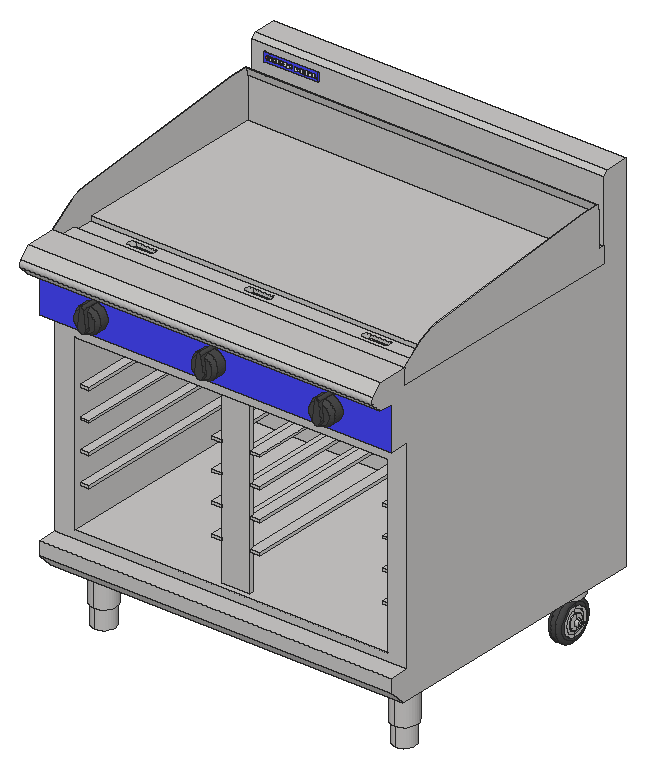
Revit family "QF_MOFFAT_BLUESEAL_CE_E516A-CB", category Specialty Equipment, Revit 2012
Parameters
  Width = 900 mm
  Weight in Pounds = 286  # constant formula
  Watts = 10200 W
  Volts = 400 V
  URL Cutsheet = "www.moffat.com"
  URL = "www.moffat.com"
  Type Mark [instance] = ""
  Status [instance] = ""
  Specification by User [instance] = ""
  Specification by Manufacturer = ""
  Show Logo [instance] = yes
  Show Casters [instance] = yes
  Serial Number = ""
  Seismic Rating = ""
  SMACNA No = ""
  Revision Code [instance] = ""
  Phase = 3
  Omniclass Number and Title = ""
  Number of Poles = 1
  NAFEM Spec ID Number = ""
  Model = "E516A-CB"
  Min Ckt Ampacity = 0 A
  Max Overcurrent Protection = 0 A
  Masterspec = ""
  Manufacturer = "MOFFAT BLUESEAL"
  Legs [instance] = not(Show Casters)  # no
  Item Number [instance] = ""
  Installed By [instance] = ""
  Identify Quantity as Lot [instance] = yes
  HP = ""
  Furnished By [instance] = ""
  Foodservice Equipment Identifier [instance] = yes
  FL Amps = 15 A
  Electrical Remarks = "15A PER PHASE"
  Elec Conn RI Height = 0 mm
  Elec Conn Connection Height = 0 mm
  Description = "900MM ELECTRIC GRIDDLE PLATE ON CABINET BASE"
  Depth = 812 mm
  Cycle = 50 Hz
  Conn Plug = ""
  Conn Conduit = yes
  CSI MasterFormat = ""
  CSI Master Format = ""
  Base Height [instance] = 150 mm
  Apparent Power = if(Phase = 3, Volts * FL Amps * 1.73, Volts * FL Amps)  # 10380 VA
Reference planes
  plane 1 "BACK": y = 0
  plane 2: z = 0
  plane 3 "LEFT": x = 0
  plane 4 "RIGHT": x = 900
  plane 5 "FRONT": y = -812
  plane 6 "TOP": z = 970
  plane 7 "Center Y": x = 450
  plane 8 "Center X": y = -406
  plane 9 "Base Height": z = 150
  plane 10: z = 915
  plane 11: z = 1085
  plane 12: z = 740
  plane 13: x = 834
  plane 14: x = 65
  plane 15: y = -625
  plane 16: y = -100
Forms (mm)
  Extrusion 1, solid, material "QF_Finishes_Stainless Steel"
    sketch origin (0, 0, 0) x (0, 1, 0) y (0, 0, 1)
      loop
        line (0, 150) -> (0, 1085) -> (-57.5, 1085) -> (-70, 1072.5) -> (-70, 875) -> (-705.25, 875) -> (-705.25, 915) -> (-783.97, 915) -> (-808.485, 890.485)
        arc (-808.485, 890.485) -> (-811.999, 882) -> (-808.485, 873.515) r 12
        line (-808.485, 873.515) -> (-784.97, 850) -> (-749, 850) -> (-749, 740) -> (-130.5, 740) -> (-130.5, 222.5) -> (-749, 222.5) -> (-749, 186) -> (-713, 150) -> (0, 150)
    from 0 to 900
  Extrusion 2, void
    sketch origin (705, 3, 100) x (1, 0, 0) y (0, 1, 0)
      loop
        circle (65, -35) r 13.5
    from 640 to 570
  Revolve 3, solid, material "QF_Finishes_Black"
    sketch origin (150, 7, 757.8) x (0, 1, 0) y (0, 0, -1)
      loop
        line (-789, -69.5) -> (-766, -69.5) -> (-766, -42) -> (-756, -42) -> (-756, -37) -> (-800, -37) -> (-800, -63.651) -> (-789, -69.5)
      axis (-800, -37) -> (-756, -37)
    angle from 0 to 360
  Extrusion 4, solid, material "QF_Finishes_Black"
    sketch origin (288.27, 7, 757.958) x (-1, 0, 0) y (0, 0, -1)
      loop
        line (127.85, -26.037) -> (133.271, -68.955)
        arc (133.271, -68.955) -> (138.27, -73.842) -> (143.268, -68.955) r 5
        line (143.268, -68.955) -> (148.757, -24.87)
        arc (148.757, -24.87) -> (137.685, -14.371) -> (127.85, -26.037) r 10.487
    from 759 to 808
  Revolve 5, solid, material "QF_Finishes_Stainless Steel", visible <- "Legs"
    sketch origin (834, -165, 0) x (0, 1, 0) y (0, 0, -1)
      loop
        line (33.25, -150) -> (65, -150) -> (65, 0) -> (37.5, 0) -> (37.5, -50) -> (33.25, -50) -> (33.25, -150)
      axis (65, -150) -> (65, 0)
    angle from 0 to 360
  Revolve 6, solid, material "QF_Finishes_Stainless Steel"
    sketch origin (834, -728, 0) x (0, 1, 0) y (0, 0, -1)
      loop
        line (71.25, -150) -> (103, -150) -> (103, 0) -> (75.5, 0) -> (75.5, -50) -> (71.25, -50) -> (71.25, -150)
      axis (103, -150) -> (103, 0)
    angle from 0 to 360
  Extrusion 7, solid, material "QF_Finishes_Stainless Steel"
    sketch origin (0, -130.5, 735) x (0, 0, 1) y (-1, 0, 0)
      loop
        line (5, -900) -> (5, 0) -> (-512.5, 0) -> (-512.5, -900) -> (5, -900)
      loop
        line (-50, -850) -> (-50, -50) -> (-492.5, -50) -> (-492.5, -850) -> (-50, -850)
    from 0 to 568.5
  Extrusion 8, void
    sketch origin (0, 0, 150) x (-1, 0, 0) y (0, -1, 0)
      loop
        line (-824.497, 87.26) -> (-824.497, -30.24) -> (-694.997, -30.24) -> (-694.997, 38.76) -> (-743.497, 87.26) -> (-824.497, 87.26)
    from 72.5 to 590
  Extrusion 9, solid, material "QF_Finishes_Stainless Steel"
    sketch origin (0, -130.5, 735) x (0, 0, 1) y (-1, 0, 0)
      loop
        line (-50, -485.5) -> (-50, -414.5) -> (-492.5, -414.5) -> (-492.5, -485.5) -> (-50, -485.5)
    from 543.302 to 553.302
  Extrusion 10, solid, material "QF_Finishes_Stainless Steel"
    sketch origin (0, -130.5, 735) x (0, 0, 1) y (-1, 0, 0)
      loop
        line (-246.25, -414.5) -> (-239.9, -414.5) -> (-239.9, -389.5) -> (-246.25, -389.5) -> (-246.25, -414.5)
      loop
        line (-321.25, -414.5) -> (-314.9, -414.5) -> (-314.9, -389.5) -> (-321.25, -389.5) -> (-321.25, -414.5)
      loop
        line (-321.25, -50) -> (-321.25, -75) -> (-314.9, -75) -> (-314.9, -50) -> (-321.25, -50)
      loop
        line (-239.9, -75) -> (-239.9, -50) -> (-246.25, -50) -> (-246.25, -75) -> (-239.9, -75)
      loop
        line (-396.25, -414.5) -> (-389.9, -414.5) -> (-389.9, -389.5) -> (-396.25, -389.5) -> (-396.25, -414.5)
      loop
        line (-396.25, -50) -> (-396.25, -75) -> (-389.9, -75) -> (-389.9, -50) -> (-396.25, -50)
      loop
        line (-171.25, -414.5) -> (-164.9, -414.5) -> (-164.9, -389.5) -> (-171.25, -389.5) -> (-171.25, -414.5)
      loop
        line (-164.9, -75) -> (-164.9, -50) -> (-171.25, -50) -> (-171.25, -75) -> (-164.9, -75)
      loop
        line (-246.25, -485.5) -> (-246.25, -510.5) -> (-239.9, -510.5) -> (-239.9, -485.5) -> (-246.25, -485.5)
      loop
        line (-321.25, -485.5) -> (-321.25, -510.5) -> (-314.9, -510.5) -> (-314.9, -485.5) -> (-321.25, -485.5)
      loop
        line (-321.25, -850) -> (-314.9, -850) -> (-314.9, -825) -> (-321.25, -825) -> (-321.25, -850)
      loop
        line (-239.9, -825) -> (-246.25, -825) -> (-246.25, -850) -> (-239.9, -850) -> (-239.9, -825)
      loop
        line (-396.25, -485.5) -> (-396.25, -510.5) -> (-389.9, -510.5) -> (-389.9, -485.5) -> (-396.25, -485.5)
      loop
        line (-396.25, -850) -> (-389.9, -850) -> (-389.9, -825) -> (-396.25, -825) -> (-396.25, -850)
      loop
        line (-171.25, -485.5) -> (-171.25, -510.5) -> (-164.9, -510.5) -> (-164.9, -485.5) -> (-171.25, -485.5)
      loop
        line (-164.9, -825) -> (-171.25, -825) -> (-171.25, -850) -> (-164.9, -850) -> (-164.9, -825)
    from 0 to 553.302
  Extrusion 11, solid, material "QF_Finishes_Stainless Steel"
    sketch origin (705, -4.5, 740) x (0, 1, 0) y (1, 0, 0)
      loop
        circle (-34.187, 65) r 6.35
    from 0 to 1.6
  Revolve 12, solid, material "QF_Finishes_Black"
    sketch origin (450, 7, 757.8) x (0, 1, 0) y (0, 0, -1)
      loop
        line (-789, -69.5) -> (-766, -69.5) -> (-766, -42) -> (-756, -42) -> (-756, -37) -> (-800, -37) -> (-800, -63.651) -> (-789, -69.5)
      axis (-800, -37) -> (-756, -37)
    angle from 0 to 360
  Extrusion 13, solid, material "QF_Finishes_Black"
    sketch origin (588.27, 7, 757.958) x (-1, 0, 0) y (0, 0, -1)
      loop
        line (127.85, -26.037) -> (133.271, -68.955)
        arc (133.271, -68.955) -> (138.27, -73.842) -> (143.268, -68.955) r 5
        line (143.268, -68.955) -> (148.757, -24.87)
        arc (148.757, -24.87) -> (137.685, -14.371) -> (127.85, -26.037) r 10.487
    from 759 to 808
  Revolve 14, solid, material "QF_Finishes_Black"
    sketch origin (750, 7, 757.8) x (0, 1, 0) y (0, 0, -1)
      loop
        line (-789, -69.5) -> (-766, -69.5) -> (-766, -42) -> (-756, -42) -> (-756, -37) -> (-800, -37) -> (-800, -63.651) -> (-789, -69.5)
      axis (-800, -37) -> (-756, -37)
    angle from 0 to 360
  Extrusion 15, solid, material "QF_Finishes_Black"
    sketch origin (888.27, 7, 757.958) x (-1, 0, 0) y (0, 0, -1)
      loop
        line (127.85, -26.037) -> (133.271, -68.955)
        arc (133.271, -68.955) -> (138.27, -73.842) -> (143.268, -68.955) r 5
        line (143.268, -68.955) -> (148.757, -24.87)
        arc (148.757, -24.87) -> (137.685, -14.371) -> (127.85, -26.037) r 10.487
    from 759 to 808
  Revolve 16, solid, material "QF_Finishes_Stainless Steel", visible <- "Show Casters"
    sketch origin (784.648, -99.755, -13.653) x (1, 0, 0) y (0, 0, 1)
      loop
        line (14.841, 63.604) -> (83.584, 63.604) -> (83.584, 67.109) -> (82.314, 68.379) -> (80.79, 68.379) -> (80.79, 71.826) -> (68.644, 71.826) -> (68.644, 81.79) -> (65.088, 83.843) -> (63.738, 92.179) -> (65.881, 92.179) -> (65.881, 98.529) -> (65.088, 98.529) -> (65.088, 104.879)
        arc (65.088, 104.879) -> (62.298, 111.614) -> (55.563, 114.404) r 9.525
        line (55.563, 114.404) -> (42.863, 114.404)
        arc (42.863, 114.404) -> (36.127, 111.614) -> (33.338, 104.879) r 9.525
        line (33.338, 104.879) -> (33.338, 98.529) -> (32.544, 98.529) -> (32.544, 92.179) -> (34.687, 92.179) -> (33.352, 83.932) -> (29.782, 81.871) -> (29.782, 71.826) -> (17.635, 71.826) -> (17.635, 68.379) -> (16.111, 68.379) -> (14.841, 67.109) -> (14.841, 63.604)
      axis (14.841, 63.604) -> (83.584, 63.604)
    angle from 0 to 360
  Revolve 17, solid, material "QF_Finishes_Stainless Steel", visible <- "Show Casters"
    sketch origin (833.871, -203, 0) x (0, 1, 0) y (0, 0, 1)
      loop
        line (68.25, 150) -> (68.25, 110) -> (104, 110) -> (104, 150) -> (68.25, 150)
      axis (104, 150) -> (104, 110)
    angle from 0 to 360
  Revolve 18, solid, material "QF_Finishes_Stainless Steel", visible <- "Legs"
    sketch origin (65, -165, 0) x (0, 1, 0) y (0, 0, -1)
      loop
        line (33.25, -150) -> (65, -150) -> (65, 0) -> (37.5, 0) -> (37.5, -50) -> (33.25, -50) -> (33.25, -150)
      axis (65, -150) -> (65, 0)
    angle from 0 to 360
  Revolve 19, solid, material "QF_Finishes_Stainless Steel"
    sketch origin (65, -728, 0) x (0, 1, 0) y (0, 0, -1)
      loop
        line (71.25, -150) -> (103, -150) -> (103, 0) -> (75.5, 0) -> (75.5, -50) -> (71.25, -50) -> (71.25, -150)
      axis (103, -150) -> (103, 0)
    angle from 0 to 360
  Revolve 20, solid, material "QF_Finishes_Stainless Steel", visible <- "Show Casters"
    sketch origin (15.648, -99.755, -13.653) x (1, 0, 0) y (0, 0, 1)
      loop
        line (14.841, 63.604) -> (83.584, 63.604) -> (83.584, 67.109) -> (82.314, 68.379) -> (80.79, 68.379) -> (80.79, 71.826) -> (68.644, 71.826) -> (68.644, 81.79) -> (65.088, 83.843) -> (63.738, 92.179) -> (65.881, 92.179) -> (65.881, 98.529) -> (65.088, 98.529) -> (65.088, 104.879)
        arc (65.088, 104.879) -> (62.298, 111.614) -> (55.563, 114.404) r 9.525
        line (55.563, 114.404) -> (42.863, 114.404)
        arc (42.863, 114.404) -> (36.127, 111.614) -> (33.338, 104.879) r 9.525
        line (33.338, 104.879) -> (33.338, 98.529) -> (32.544, 98.529) -> (32.544, 92.179) -> (34.687, 92.179) -> (33.352, 83.932) -> (29.782, 81.871) -> (29.782, 71.826) -> (17.635, 71.826) -> (17.635, 68.379) -> (16.111, 68.379) -> (14.841, 67.109) -> (14.841, 63.604)
      axis (14.841, 63.604) -> (83.584, 63.604)
    angle from 0 to 360
  Revolve 21, solid, material "QF_Finishes_Stainless Steel", visible <- "Show Casters"
    sketch origin (64.871, -203, 0) x (0, 1, 0) y (0, 0, 1)
      loop
        line (68.25, 150) -> (68.25, 110) -> (104, 110) -> (104, 150) -> (68.25, 150)
      axis (104, 150) -> (104, 110)
    angle from 0 to 360
Cuts and joins
  Extrusion 2, Extrusion 8 cuts Extrusion 1
  joined: Extrusion 1, Extrusion 7
Lines and regions (mm)
  Split face 1
    outline origin (900, 0, 1085) x (-1, 0, 0) y (0, -1, 0)
      loop
        arc (856, 18.385) -> (864.66, 23.385) -> (864.66, 33.385) r 10
        line (864.66, 33.385) -> (860.619, 40.385)
        arc (860.619, 40.385) -> (856.959, 44.045) -> (851.959, 45.385) r 10
        line (851.959, 45.385) -> (624, 45.385)
        arc (624, 45.385) -> (615.34, 40.385) -> (615.34, 30.385) r 10
        line (615.34, 30.385) -> (619.381, 23.385)
        arc (619.381, 23.385) -> (623.041, 19.725) -> (628.041, 18.385) r 10
        line (628.041, 18.385) -> (856, 18.385)
  Split face 2
    outline origin (900, 0, 1085) x (-1, 0, 0) y (0, -1, 0)
      loop
        arc (44, 45.385) -> (35.34, 40.385) -> (35.34, 30.385) r 10
        line (35.34, 30.385) -> (39.381, 23.385)
        arc (39.381, 23.385) -> (43.041, 19.725) -> (48.041, 18.385) r 10
        line (48.041, 18.385) -> (276, 18.385)
        arc (276, 18.385) -> (284.66, 23.385) -> (284.66, 33.385) r 10
        line (284.66, 33.385) -> (280.619, 40.385)
        arc (280.619, 40.385) -> (276.959, 44.045) -> (271.959, 45.385) r 10
        line (271.959, 45.385) -> (44, 45.385)
  Split face 3
    outline origin (900, 0, 1085) x (-1, 0, 0) y (0, -1, 0)
      loop
        arc (566, 18.385) -> (574.66, 23.385) -> (574.66, 33.385) r 10
        line (574.66, 33.385) -> (570.619, 40.385)
        arc (570.619, 40.385) -> (566.959, 44.045) -> (561.959, 45.385) r 10
        line (561.959, 45.385) -> (334, 45.385)
        arc (334, 45.385) -> (325.34, 40.385) -> (325.34, 30.385) r 10
        line (325.34, 30.385) -> (329.381, 23.385)
        arc (329.381, 23.385) -> (333.041, 19.725) -> (338.041, 18.385) r 10
        line (338.041, 18.385) -> (566, 18.385)
  symbolic lines, style "SpecialityEquipmentHiddenLines", visible <- "Show Casters"
    curve 1: line (78.456, -46.735, 0) -> (105.952, -62.61, 0)
    curve 2: line (27.656, -134.723, 0) -> (78.456, -46.735, 0)
    curve 3: line (55.152, -150.598, 0) -> (27.656, -134.723, 0)
    curve 4: line (105.952, -62.61, 0) -> (55.152, -150.598, 0)
    curve 5: line (847.456, -46.735, 0) -> (874.952, -62.61, 0)
    curve 6: line (796.656, -134.723, 0) -> (847.456, -46.735, 0)
    curve 7: line (824.152, -150.598, 0) -> (796.656, -134.723, 0)
    curve 8: line (874.952, -62.61, 0) -> (824.152, -150.598, 0)
  symbolic lines
    curve 9: line (0, -783.97, 0) -> (900, -783.97, 0)
    curve 10: line (0, -811.999, 0) -> (900, -811.999, 0)
    curve 11: line (0, 0, 0) -> (0, -811.999, 0)
    curve 12: line (900, 0, 0) -> (0, 0, 0)
    curve 13: line (900, -811.999, 0) -> (900, 0, 0)
    curve 14: line (624, -18.385, 0) -> (851.959, -18.385, 0)
    curve 15: arc (851.959, -18.385, 0) -> (856.959, -19.725, 0) -> (860.619, -23.385, 0) r 10
    curve 16: line (860.619, -23.385, 0) -> (864.66, -30.385, 0)
    curve 17: arc (864.66, -30.385, 0) -> (864.66, -40.385, 0) -> (856, -45.385, 0) r 10
    curve 18: line (856, -45.385, 0) -> (628.041, -45.385, 0)
    curve 19: arc (628.041, -45.385, 0) -> (623.041, -44.045, 0) -> (619.381, -40.385, 0) r 10
    curve 20: line (619.381, -40.385, 0) -> (615.34, -33.385, 0)
    curve 21: arc (615.34, -33.385, 0) -> (615.34, -23.385, 0) -> (624, -18.385, 0) r 10
    curve 22: line (561.959, -18.385, 0) -> (334, -18.385, 0)
    curve 23: arc (334, -18.385, 0) -> (325.34, -23.385, 0) -> (325.34, -33.385, 0) r 10
    curve 24: line (325.34, -33.385, 0) -> (329.381, -40.385, 0)
    curve 25: arc (329.381, -40.385, 0) -> (333.041, -44.045, 0) -> (338.041, -45.385, 0) r 10
    curve 26: line (338.041, -45.385, 0) -> (566, -45.385, 0)
    curve 27: arc (566, -45.385, 0) -> (574.66, -40.385, 0) -> (574.66, -30.385, 0) r 10
    curve 28: line (574.66, -30.385, 0) -> (570.619, -23.385, 0)
    curve 29: arc (570.619, -23.385, 0) -> (566.959, -19.725, 0) -> (561.959, -18.385, 0) r 10
    curve 30: line (44, -18.385, 0) -> (271.959, -18.385, 0)
    curve 31: arc (271.959, -18.385, 0) -> (276.959, -19.725, 0) -> (280.619, -23.385, 0) r 10
    curve 32: line (280.619, -23.385, 0) -> (284.66, -30.385, 0)
    curve 33: arc (284.66, -30.385, 0) -> (284.66, -40.385, 0) -> (276, -45.385, 0) r 10
    curve 34: line (276, -45.385, 0) -> (48.041, -45.385, 0)
    curve 35: arc (48.041, -45.385, 0) -> (43.041, -44.045, 0) -> (39.381, -40.385, 0) r 10
    curve 36: line (39.381, -40.385, 0) -> (35.34, -33.385, 0)
    curve 37: arc (35.34, -33.385, 0) -> (35.34, -23.385, 0) -> (44, -18.385, 0) r 10
    curve 38: line (0, -705.25, 0) -> (900, -705.25, 0)
    curve 39: line (0, -57.5, 0) -> (900, -57.5, 0)
    curve 40: line (0, -70, 0) -> (900, -70, 0)
Dimensions and locks
  equal spacing: plane 3 "LEFT", plane 7 "Center Y", plane 4 "RIGHT"
  "Width": plane 3 "LEFT" to plane 4 "RIGHT"
  equal spacing: plane 5 "FRONT", plane 8 "Center X", plane 1 "BACK"
  "Depth": plane 5 "FRONT" to plane 1 "BACK"
  "Base Height": plane 9 "Base Height" to level
  plane 10 to level = 915 mm
  cut or joined group of Extrusion 1, Extrusion 2, Extrusion 7, Extrusion 8 to level = 740 mm
  plane 11 to plane 2 = 1085 mm
  plane 2 to plane 12 = 740 mm
  plane 13 to plane 14 = 769 mm
  plane 16 to plane 15 = 525 mm
  plane 1 "BACK" to plane 16 = 100 mm
  Revolve 16 sketch curve to Revolve 16 sketch curve = 50.8 mm
  Extrusion 11 sketch curve to plane 4 "RIGHT" = 130 mm
  Revolve 20 sketch curve to Revolve 20 sketch curve = 50.8 mm
  aligned and locked: level to plane 2
Automatic sketch dimensions
  plane 1 "BACK" to curve 12 = 0 mm
  curve 12 to plane 3 "LEFT" = 0 mm
  curve 10 to plane 4 "RIGHT" = 0 mm
  plane 3 "LEFT" to curve 2 = 27.656 mm
  curve 36 to plane 14 = 29.66 mm
  curve 37 to curve 35 = 4.041 mm  (x2)
  curve 37 to curve 37 = 8.66 mm
  curve 4 to plane 14 = 9.848 mm
  plane 14 to curve 1 = 13.456 mm
  plane 1 "BACK" to curve 30 = 18.385 mm
  curve 1 to curve 30 = 166.007 mm
  curve 31 to curve 34 = 4.041 mm
  curve 30 to curve 31 = 8.66 mm
  plane 1 "BACK" to curve 32 = 30.385 mm
  curve 31 to curve 32 = 4.041 mm
  plane 1 "BACK" to curve 24 = 33.385 mm
  curve 32 to curve 24 = 40.679 mm
  curve 24 to curve 25 = 4.041 mm
  curve 23 to curve 22 = 8.66 mm
  curve 25 to curve 25 = 8.66 mm
  plane 1 "BACK" to curve 29 = 28.385 mm
  plane 7 "Center Y" to curve 29 = 111.959 mm
  curve 29 to curve 27 = 4.041 mm
  curve 22 to curve 29 = 8.66 mm
  plane 1 "BACK" to curve 28 = 30.385 mm
  curve 29 to curve 28 = 4.041 mm
  plane 1 "BACK" to curve 20 = 33.385 mm
  curve 28 to curve 20 = 40.679 mm
  plane 1 "BACK" to curve 20 = 40.385 mm
  curve 20 to curve 20 = 4.041 mm
  curve 20 to curve 21 = 8.66 mm
  curve 21 to curve 19 = 4.041 mm
  curve 6 to plane 13 = 37.344 mm
  curve 8 to plane 13 = 9.848 mm
  plane 13 to curve 6 = 13.456 mm
  plane 13 to curve 15 = 17.959 mm
  curve 15 to curve 17 = 4.041 mm
  curve 14 to curve 16 = 8.66 mm
  curve 15 to curve 16 = 4.041 mm
  curve 35 to curve 30 = 27 mm
  curve 19 to curve 19 = 5 mm
  curve 25 to curve 23 = 12 mm
  curve 1 to curve 35 = 1.35 mm
  curve 5 to curve 17 = 1.35 mm
  curve 39 to plane 16 = 42.5 mm
  curve 8 to curve 39 = 5.11 mm
  curve 1 to curve 1 = 15.875 mm
  curve 40 to curve 39 = 12.5 mm
  plane 15 to curve 38 = 80.25 mm
  curve 9 to plane 5 "FRONT" = 28.03 mm
  curve 10 to plane 5 "FRONT" = 0.001 mm
  curve 25 to curve 24 = 7 mm
  curve 34 to curve 35 = 5 mm
  curve 18 to curve 17 = 10 mm
  curve 35 to curve 37 = 7 mm
  curve 25 to curve 23 = 7 mm
  curve 19 to curve 21 = 7 mm
  curve 33 to curve 31 = 7 mm
  curve 17 to curve 15 = 7 mm
  Extrusion 1 sketch curve to plane 10 = 0 mm
  plane 12 to Extrusion 1 sketch curve = 0 mm
  Extrusion 1 sketch curve to plane 9 "Base Height" = 0 mm
  Extrusion 1 sketch curve to plane 11 = 0 mm
  Extrusion 1 sketch curve to plane 1 "BACK" = 0 mm
  Extrusion 1 sketch curve to plane 16 = 42.5 mm
  Extrusion 1 sketch curve to plane 16 = 30 mm
  plane 16 to Extrusion 1 sketch curve = 30.5 mm
  plane 15 to Extrusion 1 sketch curve = 80.25 mm
  plane 15 to Extrusion 1 sketch curve = 88 mm
  Extrusion 1 sketch curve to plane 5 "FRONT" = 63 mm  (x2)
  Extrusion 1 sketch curve to plane 5 "FRONT" = 28.03 mm
  Extrusion 1 sketch curve to plane 5 "FRONT" = 27.03 mm
  Extrusion 1 sketch curve to plane 5 "FRONT" = 12.001 mm
  Extrusion 1 sketch curve to plane 5 "FRONT" = 3.515 mm  (x2)
  plane 9 "Base Height" to Extrusion 1 sketch curve = 36 mm
  Extrusion 1 sketch curve to Extrusion 1 sketch curve = 36.5 mm
  Extrusion 1 sketch curve to plane 10 = 65 mm
  Extrusion 1 sketch curve to Extrusion 1 sketch curve = 23.515 mm
  Extrusion 1 sketch curve to plane 10 = 40 mm
  Extrusion 1 sketch curve to Extrusion 1 sketch curve = 8.485 mm
  Extrusion 1 sketch curve to plane 11 = 12.5 mm
  plane 1 "BACK" to Extrusion 2 sketch curve = 32 mm
  Extrusion 2 sketch curve to plane 13 = 64 mm
  Revolve 3 sketch curve to plane 5 "FRONT" = 19 mm
  Revolve 3 sketch curve to Revolve 3 sketch curve = 0 mm  (x2)
  Revolve 3 sketch curve to Revolve 3 sketch curve = 11 mm
  Revolve 3 sketch curve to Revolve 3 sketch curve = 12.7 mm
  Revolve 3 sketch curve to Revolve 3 sketch curve = 23 mm
  Revolve 3 sketch curve to Revolve 3 sketch curve = 10 mm
  Revolve 3 sketch curve to plane 12 = 87.3 mm
  Revolve 3 sketch curve to Revolve 3 sketch curve = 5.849 mm
  Revolve 3 sketch curve to Revolve 3 sketch curve = 27.5 mm
  Revolve 3 sketch curve to Revolve 3 sketch curve = 5 mm
  plane 14 to Extrusion 4 sketch curve = 95.419 mm
  plane 14 to Extrusion 4 sketch curve = 89.999 mm
  Extrusion 4 sketch curve to Extrusion 4 sketch curve = 10.419 mm
  Extrusion 4 sketch curve to Extrusion 4 sketch curve = 4.999 mm  (x2)
  Extrusion 4 sketch curve to Extrusion 4 sketch curve = 10.487 mm
  Extrusion 4 sketch curve to plane 12 = 86.913 mm
  Extrusion 4 sketch curve to Extrusion 4 sketch curve = 0.113 mm
  Extrusion 4 sketch curve to Extrusion 4 sketch curve = 42.919 mm
  Extrusion 4 sketch curve to Extrusion 4 sketch curve = 1.167 mm
  Revolve 5 sketch curve to plane 9 "Base Height" = 0 mm
  Revolve 5 sketch curve to level = 0 mm
  Revolve 5 sketch curve to plane 16 = 0 mm  (x2)
  plane 16 to Revolve 5 sketch curve = 27.5 mm
  plane 16 to Revolve 5 sketch curve = 31.75 mm
  level to Revolve 5 sketch curve = 50 mm
  Revolve 5 sketch curve to Revolve 5 sketch curve = 0 mm
  Revolve 5 sketch curve to Revolve 5 sketch curve = 55 mm
  Revolve 6 sketch curve to plane 9 "Base Height" = 0 mm
  Revolve 6 sketch curve to level = 0 mm
  Revolve 6 sketch curve to plane 15 = 0 mm  (x2)
  plane 15 to Revolve 6 sketch curve = 27.5 mm
  plane 15 to Revolve 6 sketch curve = 31.75 mm
  level to Revolve 6 sketch curve = 50 mm
  Revolve 6 sketch curve to Revolve 6 sketch curve = 0 mm
  Revolve 6 sketch curve to Revolve 6 sketch curve = 55 mm
  Extrusion 1 to Extrusion 7 sketch curve = 0 mm
  Extrusion 7 sketch curve to Extrusion 1 = 0 mm  (x3)
  Extrusion 1 to Extrusion 7 sketch curve = 20 mm
  Extrusion 7 sketch curve to Extrusion 1 = 55 mm
  Extrusion 1 to Extrusion 7 sketch curve = 50 mm  (x2)
  Extrusion 8 sketch curve to plane 13 = 9.503 mm
  Extrusion 8 sketch curve to plane 16 = 12.74 mm
  Extrusion 8 sketch curve to Extrusion 8 sketch curve = 81 mm
  Extrusion 8 sketch curve to Extrusion 8 sketch curve = 48.5 mm
  plane 1 "BACK" to Extrusion 8 sketch curve = 38.76 mm
  Extrusion 8 sketch curve to plane 1 "BACK" = 30.24 mm
  Extrusion 1 to Extrusion 9 sketch curve = 20 mm
  Extrusion 9 sketch curve to Extrusion 1 = 55 mm
  Extrusion 1 to Extrusion 9 sketch curve = 414.5 mm
  Extrusion 9 sketch curve to Extrusion 9 sketch curve = 71 mm
  Extrusion 1 to Extrusion 10 sketch curve = 116.25 mm  (x3)
  Extrusion 10 sketch curve to Extrusion 10 sketch curve = 0 mm  (x6)
  Extrusion 1 to Extrusion 10 sketch curve = 50 mm  (x4)
  Extrusion 10 sketch curve to Extrusion 10 sketch curve = 6.35 mm  (x16)
  Extrusion 10 sketch curve to Extrusion 10 sketch curve = 68.65 mm  (x12)
  Extrusion 10 sketch curve to Extrusion 10 sketch curve = 25 mm  (x16)
  Extrusion 10 sketch curve to Extrusion 10 sketch curve = 314.5 mm
  Extrusion 10 sketch curve to Extrusion 10 sketch curve = 71 mm  (x4)
  Extrusion 1 to Extrusion 10 sketch curve = 75 mm  (x2)
  Revolve 12 sketch curve to plane 5 "FRONT" = 19 mm
  Revolve 12 sketch curve to Revolve 12 sketch curve = 0 mm  (x2)
  Revolve 12 sketch curve to Revolve 12 sketch curve = 11 mm
  Revolve 12 sketch curve to Revolve 12 sketch curve = 12.7 mm
  Revolve 12 sketch curve to Revolve 12 sketch curve = 23 mm
  Revolve 12 sketch curve to Revolve 12 sketch curve = 10 mm
  Revolve 12 sketch curve to plane 12 = 87.3 mm
  Revolve 12 sketch curve to Revolve 12 sketch curve = 5.849 mm
  Revolve 12 sketch curve to Revolve 12 sketch curve = 27.5 mm
  Revolve 12 sketch curve to Revolve 12 sketch curve = 5 mm
  plane 7 "Center Y" to Extrusion 13 sketch curve = 10.419 mm
  Extrusion 13 sketch curve to Extrusion 13 sketch curve = 5.421 mm
  Extrusion 13 sketch curve to Extrusion 13 sketch curve = 10.419 mm
  Extrusion 13 sketch curve to Extrusion 13 sketch curve = 4.999 mm  (x2)
  Extrusion 13 sketch curve to Extrusion 13 sketch curve = 10.487 mm
  Extrusion 13 sketch curve to plane 12 = 86.913 mm
  Extrusion 13 sketch curve to Extrusion 13 sketch curve = 0.113 mm
  Extrusion 13 sketch curve to Extrusion 13 sketch curve = 42.919 mm
  Extrusion 13 sketch curve to Extrusion 13 sketch curve = 1.167 mm
  Revolve 14 sketch curve to plane 5 "FRONT" = 19 mm
  Revolve 14 sketch curve to Revolve 14 sketch curve = 0 mm  (x2)
  Revolve 14 sketch curve to Revolve 14 sketch curve = 11 mm
  Revolve 14 sketch curve to Revolve 14 sketch curve = 12.7 mm
  Revolve 14 sketch curve to Revolve 14 sketch curve = 23 mm
  Revolve 14 sketch curve to Revolve 14 sketch curve = 10 mm
  Revolve 14 sketch curve to plane 12 = 87.3 mm
  Revolve 14 sketch curve to Revolve 14 sketch curve = 5.849 mm
  Revolve 14 sketch curve to Revolve 14 sketch curve = 27.5 mm
  Revolve 14 sketch curve to Revolve 14 sketch curve = 5 mm
  Extrusion 15 sketch curve to plane 12 = 43.995 mm
  Extrusion 15 sketch curve to plane 13 = 73.581 mm
  Extrusion 15 sketch curve to Extrusion 15 sketch curve = 5.421 mm
  Extrusion 15 sketch curve to Extrusion 15 sketch curve = 10.419 mm
  Extrusion 15 sketch curve to Extrusion 15 sketch curve = 4.999 mm  (x2)
  Extrusion 15 sketch curve to plane 12 = 86.913 mm
  Extrusion 15 sketch curve to Extrusion 15 sketch curve = 10.487 mm
  Extrusion 15 sketch curve to Extrusion 15 sketch curve = 0.113 mm
  Extrusion 15 sketch curve to Extrusion 15 sketch curve = 1.167 mm
  Split face 1 sketch curve to cut or joined group of Extrusion 1, Extrusion 2, Extrusion 7, Extrusion 8 = 27.115 mm
  Split face 1 sketch curve to cut or joined group of Extrusion 1, Extrusion 2, Extrusion 7, Extrusion 8 = 284.66 mm
  Split face 1 sketch curve to Split face 1 sketch curve = 4.041 mm  (x4)
  Split face 1 sketch curve to Split face 1 sketch curve = 8.66 mm  (x2)
  Split face 1 sketch curve to cut or joined group of Extrusion 1, Extrusion 2, Extrusion 7, Extrusion 8 = 12.115 mm
  Split face 1 sketch curve to cut or joined group of Extrusion 1, Extrusion 2, Extrusion 7, Extrusion 8 = 48.041 mm
  Split face 1 sketch curve to Split face 1 sketch curve = 7 mm  (x3)
  Split face 1 sketch curve to Split face 1 sketch curve = 17 mm
  Split face 2 sketch curve to cut or joined group of Extrusion 1, Extrusion 2, Extrusion 7, Extrusion 8 = 35.34 mm
  Split face 2 sketch curve to Split face 2 sketch curve = 4.041 mm  (x4)
  Split face 2 sketch curve to Split face 2 sketch curve = 8.66 mm  (x2)
  Split face 2 sketch curve to cut or joined group of Extrusion 1, Extrusion 2, Extrusion 7, Extrusion 8 = 22.115 mm
  Split face 2 sketch curve to Split face 2 sketch curve = 223.917 mm
  Split face 2 sketch curve to cut or joined group of Extrusion 1, Extrusion 2, Extrusion 7, Extrusion 8 = 17.115 mm
  Split face 2 sketch curve to Split face 2 sketch curve = 10 mm
  Split face 2 sketch curve to Split face 2 sketch curve = 7 mm  (x3)
  Split face 3 sketch curve to cut or joined group of Extrusion 1, Extrusion 2, Extrusion 7, Extrusion 8 = 27.115 mm
  Split face 3 sketch curve to cut or joined group of Extrusion 1, Extrusion 2, Extrusion 7, Extrusion 8 = 325.34 mm
  Split face 3 sketch curve to Split face 3 sketch curve = 4.041 mm  (x4)
  Split face 3 sketch curve to Split face 3 sketch curve = 8.66 mm  (x2)
  Split face 3 sketch curve to cut or joined group of Extrusion 1, Extrusion 2, Extrusion 7, Extrusion 8 = 12.115 mm
  Split face 3 sketch curve to Split face 3 sketch curve = 223.917 mm
  Split face 3 sketch curve to Split face 3 sketch curve = 7 mm  (x3)
  Split face 3 sketch curve to Split face 3 sketch curve = 17 mm
  Revolve 16 sketch curve to plane 13 = 34.511 mm
  Revolve 16 sketch curve to Revolve 16 sketch curve = 1.27 mm  (x4)
  Revolve 16 sketch curve to Revolve 16 sketch curve = 1.524 mm  (x2)
  Revolve 16 sketch curve to Revolve 16 sketch curve = 12.146 mm  (x2)
  Revolve 16 sketch curve to plane 13 = 16.809 mm
  Revolve 16 sketch curve to Revolve 16 sketch curve = 0.794 mm  (x2)
  Revolve 16 sketch curve to Revolve 16 sketch curve = 3.57 mm
  Revolve 16 sketch curve to Revolve 16 sketch curve = 2.143 mm
  Revolve 16 sketch curve to plane 13 = 6.49 mm
  plane 13 to Revolve 16 sketch curve = 5.001 mm
  plane 13 to Revolve 16 sketch curve = 6.21 mm
  plane 13 to Revolve 16 sketch curve = 14.386 mm
  Revolve 16 sketch curve to Revolve 16 sketch curve = 1.349 mm  (x2)
  Revolve 16 sketch curve to Revolve 16 sketch curve = 3.556 mm
  Revolve 16 sketch curve to plane 4 "RIGHT" = 1.551 mm
  level to Revolve 16 sketch curve = 49.952 mm
  Revolve 16 sketch curve to Revolve 16 sketch curve = 0 mm
  Revolve 16 sketch curve to Revolve 16 sketch curve = 3.505 mm  (x2)
  Revolve 16 sketch curve to Revolve 16 sketch curve = 3.447 mm  (x2)
  Revolve 16 sketch curve to Revolve 16 sketch curve = 9.964 mm
  Revolve 16 sketch curve to Revolve 16 sketch curve = 10.045 mm
  Revolve 16 sketch curve to Revolve 16 sketch curve = 2.053 mm
  Revolve 16 sketch curve to Revolve 16 sketch curve = 2.061 mm
  Revolve 16 sketch curve to Revolve 16 sketch curve = 8.247 mm
  Revolve 16 sketch curve to Revolve 16 sketch curve = 8.336 mm
  Revolve 16 sketch curve to Revolve 16 sketch curve = 6.35 mm  (x2)
  Revolve 17 sketch curve to plane 9 "Base Height" = 0 mm
  plane 16 to Revolve 17 sketch curve = 34.75 mm
  Revolve 17 sketch curve to plane 16 = 1 mm  (x2)
  Revolve 17 sketch curve to plane 9 "Base Height" = 40 mm
  level to Revolve 17 sketch curve = 50 mm
  Revolve 17 sketch curve to level = 55 mm
  Revolve 18 sketch curve to plane 9 "Base Height" = 0 mm
  Revolve 18 sketch curve to level = 0 mm
  Revolve 18 sketch curve to plane 16 = 0 mm  (x2)
  plane 16 to Revolve 18 sketch curve = 27.5 mm
  plane 16 to Revolve 18 sketch curve = 31.75 mm
  level to Revolve 18 sketch curve = 50 mm
  Revolve 18 sketch curve to Revolve 18 sketch curve = 0 mm
  Revolve 18 sketch curve to Revolve 18 sketch curve = 55 mm
  Revolve 19 sketch curve to plane 9 "Base Height" = 0 mm
  Revolve 19 sketch curve to level = 0 mm
  Revolve 19 sketch curve to plane 15 = 0 mm  (x2)
  plane 15 to Revolve 19 sketch curve = 27.5 mm
  plane 15 to Revolve 19 sketch curve = 31.75 mm
  level to Revolve 19 sketch curve = 50 mm
  Revolve 19 sketch curve to Revolve 19 sketch curve = 0 mm
  Revolve 19 sketch curve to Revolve 19 sketch curve = 55 mm
  plane 3 "LEFT" to Revolve 20 sketch curve = 30.489 mm
  Revolve 20 sketch curve to Revolve 20 sketch curve = 1.27 mm  (x4)
  Revolve 20 sketch curve to Revolve 20 sketch curve = 1.524 mm  (x2)
  Revolve 20 sketch curve to Revolve 20 sketch curve = 12.146 mm  (x2)
  Revolve 20 sketch curve to plane 14 = 16.809 mm
  Revolve 20 sketch curve to Revolve 20 sketch curve = 0.794 mm  (x2)
  Revolve 20 sketch curve to Revolve 20 sketch curve = 3.57 mm
  Revolve 20 sketch curve to Revolve 20 sketch curve = 2.143 mm
  Revolve 20 sketch curve to plane 14 = 6.49 mm
  plane 14 to Revolve 20 sketch curve = 5.001 mm
  plane 14 to Revolve 20 sketch curve = 6.21 mm
  plane 14 to Revolve 20 sketch curve = 14.386 mm
  Revolve 20 sketch curve to Revolve 20 sketch curve = 1.349 mm  (x2)
  Revolve 20 sketch curve to Revolve 20 sketch curve = 3.556 mm
  Revolve 20 sketch curve to Revolve 20 sketch curve = 33.32 mm
  level to Revolve 20 sketch curve = 49.952 mm
  Revolve 20 sketch curve to Revolve 20 sketch curve = 0 mm
  Revolve 20 sketch curve to Revolve 20 sketch curve = 3.505 mm  (x2)
  Revolve 20 sketch curve to Revolve 20 sketch curve = 3.447 mm  (x2)
  Revolve 20 sketch curve to Revolve 20 sketch curve = 9.964 mm
  Revolve 20 sketch curve to Revolve 20 sketch curve = 10.045 mm
  Revolve 20 sketch curve to Revolve 20 sketch curve = 2.053 mm
  Revolve 20 sketch curve to Revolve 20 sketch curve = 2.061 mm
  Revolve 20 sketch curve to Revolve 20 sketch curve = 8.247 mm
  Revolve 20 sketch curve to Revolve 20 sketch curve = 8.336 mm
  Revolve 20 sketch curve to Revolve 20 sketch curve = 6.35 mm  (x2)
  Revolve 21 sketch curve to plane 9 "Base Height" = 0 mm
  plane 16 to Revolve 21 sketch curve = 34.75 mm
  Revolve 21 sketch curve to plane 16 = 1 mm  (x2)
  Revolve 21 sketch curve to plane 9 "Base Height" = 40 mm
  level to Revolve 21 sketch curve = 50 mm
  Revolve 21 sketch curve to level = 55 mm
  radius of Extrusion 2 sketch curve = 13.5 mm
  radius of Extrusion 11 sketch curve = 6.35 mm
Nested families
  nested 1: "WALDORF LOGO_FACE BASE" at (32, -70, 1056.885) x (1, 0, 0) z (0, -1, 0), visible <- "Show Logo", type "WALDORF LOGO_FACE BASE", detail levels medium+fine
    with Show Logo yes
  nested 2: "ELECTRIC GRIDDLE PLATE 900" at (0, -85.003, 875), type "ELECTRIC GRIDDLE PLATE 900"
    with Width 900 mm, Type Mark "", Status "", Specification by User "", Revision Code "", Item Number "", Installed By "", Identify Quantity as Lot yes, Furnished By "", Foodservice Equipment Identifier yes, Depth 620 mm
Connectors
  electrical at (770, -38.687, 738.4), driven by "Volts", driven by "Watts"
    settings: on Extrusion 11, index 1, voltage 400 V, apparent load 10200 VA, apparent load phase1 0 VA, apparent load phase2 0 VA, apparent load phase3 0 VA, power factor 1, load classification "Other", number of poles 1, system type 30, power factor state 1, is connector primary yes, connector utility no, sub classification motor no, connector description "ELECTRICAL CONNECTION"
Definition of nested family "WALDORF LOGO_FACE BASE"
  Parameters (values of type "WALDORF LOGO_FACE BASE")
    Show Logo [instance] = yes
    Default Elevation = 1219.2 mm
  Reference planes
    plane 1 "Center (Front/Back)": y = 0
    plane 2: z = 0
    plane 3 "Center (Left/Right)": x = 0
  Forms (mm)
    Extrusion 1, solid
      sketch origin (0, 0, 0) x (1, 0, 0) y (0, 1, 0)
        loop
          line (-1219.2, 1219.2) -> (-1219.2, -1219.2) -> (1219.2, -1219.2) -> (1219.2, 1219.2) -> (-1219.2, 1219.2)
      from 0 to -304.8
    Extrusion 2, solid, material "QF_Finishes_Blue", visible <- "Show Logo"
      sketch origin (0, -33.217, 0) x (1, 0, 0) y (0, 1, 0)
        loop
          arc (138, 31.942) -> (137.626, 32.844) -> (136.724, 33.217) r 1.276
          line (136.724, 33.217) -> (1.29, 33.217)
          arc (1.29, 33.217) -> (0.378, 32.839) -> (0, 31.927) r 1.29
          line (0, 31.927) -> (0, 11.507)
          arc (0, 11.507) -> (0.378, 10.595) -> (1.29, 10.217) r 1.29
          line (1.29, 10.217) -> (136.71, 10.217)
          arc (136.71, 10.217) -> (137.622, 10.595) -> (138, 11.507) r 1.29
          line (138, 11.507) -> (138, 31.942)
      from 0 to 1.588
    Extrusion 3, solid, material "QF_Finishes_White", visible <- "Show Logo"
      sketch origin (0, -33.217, 1.588) x (1, 0, 0) y (0, 1, 0)
        loop
          arc (108.946, 25.919) -> (107.613, 25.367) -> (107.061, 24.034) r 1.885
          line (107.061, 24.034) -> (107.061, 17.211) -> (112.704, 17.211) -> (112.704, 19.129) -> (115.546, 19.129) -> (115.546, 17.211) -> (121.584, 17.211) -> (121.584, 24.075)
          arc (121.584, 24.075) -> (121.043, 25.379) -> (119.739, 25.919) r 1.845
          line (119.739, 25.919) -> (108.946, 25.919)
        loop
          line (123.478, 25.919) -> (123.478, 17.163) -> (134.904, 17.163) -> (134.904, 19.129) -> (129.246, 19.129) -> (129.246, 25.919) -> (123.478, 25.919)
        loop
          line (112.704, 21.258) -> (115.546, 21.258) -> (115.546, 22.702)
          arc (115.546, 22.702) -> (115.344, 23.188) -> (114.858, 23.389) r 0.687
          line (114.858, 23.389) -> (113.363, 23.389)
          arc (113.363, 23.389) -> (112.897, 23.196) -> (112.704, 22.73) r 0.658
          line (112.704, 22.73) -> (112.704, 21.258)
        loop
          line (105.071, 25.919) -> (93.771, 25.919) -> (93.771, 17.163) -> (105.071, 17.163) -> (105.071, 19.063) -> (99.535, 19.063) -> (99.535, 20.437) -> (105.071, 20.437) -> (105.071, 22.278) -> (99.535, 22.278) -> (99.535, 23.587) -> (105.071, 23.587) -> (105.071, 25.919)
        loop
          line (91.104, 25.919) -> (79.541, 25.919)
          arc (79.541, 25.919) -> (78.558, 25.513) -> (78.152, 24.53) r 1.389
          line (78.152, 24.53) -> (78.152, 22.08)
          arc (78.152, 22.08) -> (78.558, 21.098) -> (79.541, 20.691) r 1.389
          line (79.541, 20.691) -> (86.346, 20.691) -> (86.346, 18.864) -> (83.266, 18.864) -> (83.266, 19.664) -> (78.152, 19.664) -> (78.152, 18.553)
          arc (78.152, 18.553) -> (78.558, 17.57) -> (79.541, 17.163) r 1.389
          line (79.541, 17.163) -> (91.063, 17.163)
          arc (91.063, 17.163) -> (92.045, 17.57) -> (92.452, 18.553) r 1.389
          line (92.452, 18.553) -> (92.452, 20.691)
          arc (92.452, 20.691) -> (92.045, 21.673) -> (91.063, 22.08) r 1.389
          line (91.063, 22.08) -> (83.266, 22.08) -> (83.266, 23.984) -> (86.346, 23.984) -> (86.346, 22.743) -> (92.452, 22.743) -> (92.452, 24.571)
          arc (92.452, 24.571) -> (92.057, 25.524) -> (91.104, 25.919) r 1.348
        loop
          line (70.705, 25.919) -> (59.405, 25.919) -> (59.405, 17.163) -> (70.705, 17.163) -> (70.705, 19.063) -> (65.169, 19.063) -> (65.169, 20.437) -> (70.705, 20.437) -> (70.705, 22.278) -> (65.169, 22.278) -> (65.169, 23.587) -> (70.705, 23.587) -> (70.705, 25.919)
        loop
          line (57.598, 25.919) -> (51.7, 25.919) -> (51.7, 20.18)
          arc (51.7, 20.18) -> (50.63, 19.11) -> (49.56, 20.18) r 1.07
          line (49.56, 20.18) -> (49.56, 25.919) -> (43.663, 25.919) -> (43.663, 19.049)
          arc (43.663, 19.049) -> (44.215, 17.716) -> (45.548, 17.163) r 1.885
          line (45.548, 17.163) -> (55.71, 17.163)
          arc (55.71, 17.163) -> (57.045, 17.716) -> (57.598, 19.051) r 1.887
          line (57.598, 19.051) -> (57.598, 25.919)
        loop
          line (31.62, 25.919) -> (31.62, 17.163) -> (43.046, 17.163) -> (43.046, 19.129) -> (37.388, 19.129) -> (37.388, 25.919) -> (31.62, 25.919)
        loop
          line (15.969, 25.919) -> (15.969, 17.163) -> (28.693, 17.163)
          arc (28.693, 17.163) -> (29.812, 17.627) -> (30.276, 18.746) r 1.582
          line (30.276, 18.746) -> (30.276, 20.447) -> (29.48, 21.243) -> (30.276, 22.039) -> (30.276, 24.332)
          arc (30.276, 24.332) -> (29.811, 25.454) -> (28.688, 25.919) r 1.587
          line (28.688, 25.919) -> (15.969, 25.919)
        loop
          line (21.449, 24.159) -> (21.449, 22.436) -> (23.862, 22.436)
          arc (23.862, 22.436) -> (24.723, 23.298) -> (23.862, 24.159) r 0.861
          line (23.862, 24.159) -> (21.449, 24.159)
        loop
          line (21.449, 20.244) -> (21.449, 18.522) -> (23.862, 18.522)
          arc (23.862, 18.522) -> (24.723, 19.383) -> (23.862, 20.244) r 0.861
          line (23.862, 20.244) -> (21.449, 20.244)
      from 0 to 0.2
    Extrusion 4, solid, material "QF_Finishes_Blue", visible <- "Show Logo"
      sketch origin (-126.498, -31.09, 1.588) x (1, 0, 0) y (0, 1, 0)
        loop
          line (136.738, 23.522) -> (136.738, 15.1)
          arc (136.738, 15.1) -> (140.756, 19.311) -> (136.738, 23.522) r 4.216
      from 0 to 0.2
    Extrusion 5, solid, material "QF_Finishes_Red", visible <- "Show Logo"
      sketch origin (146.849, -31.09, 1.588) x (-1, 0, 0) y (0, -1, 0)
        loop
          arc (136.738, -23.522) -> (140.756, -19.311) -> (136.738, -15.1) r 4.216
          line (136.738, -15.1) -> (136.738, -23.522)
      from 0 to 0.2
  Lines and regions (mm)
    Split face 1
      outline origin (-90.35, -30.793, 1.588) x (1, 0, 0) y (0, 1, 0)
        loop
          circle (100.54, 19.013) r 4.536
  Dimensions and locks
    aligned and locked: plane 2 to Extrusion 1
    aligned and locked: level to Extrusion 1
Definition of nested family "ELECTRIC GRIDDLE PLATE 900"
  Parameters (values of type "ELECTRIC GRIDDLE PLATE 900")
    Width [instance] = 900 mm
    Weight in Pounds = 0
    URL Cutsheet = ""
    Type Mark [instance] = ""
    Status [instance] = ""
    Specification by User [instance] = ""
    Specification by Manufacturer = ""
    Serial Number = ""
    Seismic Rating = ""
    SMACNA No = ""
    Revision Code [instance] = ""
    Omniclass Number and Title = ""
    NAFEM Spec ID Number = ""
    Masterspec = ""
    Item Number [instance] = ""
    Installed By [instance] = ""
    Identify Quantity as Lot [instance] = yes
    Furnished By [instance] = ""
    Foodservice Equipment Identifier [instance] = yes
    Depth [instance] = 620 mm
    CSI MasterFormat = ""
    CSI Master Format = ""
  Reference planes
    plane 1 "BACK": y = 0
    plane 2: z = 0
    plane 3 "LEFT": x = 0
    plane 4 "RIGHT": x = 900
    plane 5 "FRONT": y = -620
    plane 6 "TOP": z = 142.5
    plane 7 "Center Y": x = 450
    plane 8 "Center X": y = -310
    plane 9: y = -530.997
    plane 10: y = -541.497
    plane 11: y = -503.25
    plane 12: y = -557.737
  Forms (mm)
    Extrusion 1, solid, material "QF_Finishes_Stainless Steel"
      sketch origin (0, 70.003, -874.5) x (0, 1, 0) y (0, 0, 1)
        loop
          line (-70, 875) -> (-70, 997.489) -> (-75.228, 1017) -> (-117.24, 1017) -> (-589.533, 971.523)
          arc (-589.533, 971.523) -> (-614.56, 965.803) -> (-637.306, 953.899) r 100
          line (-637.306, 953.899) -> (-690.003, 917) -> (-690.003, 875) -> (-70, 875)
      from 0 to 1.8
    Extrusion 2, solid, material "QF_Finishes_Stainless Steel"
      sketch origin (600, 70.003, -874.5) x (0, -1, 0) y (0, 0, 1)
        loop
          line (70, 875) -> (690.003, 875) -> (690.003, 917) -> (637.306, 953.899)
          arc (637.306, 953.899) -> (614.56, 965.803) -> (589.533, 971.523) r 100
          line (589.533, 971.523) -> (117.24, 1017) -> (75.228, 1017) -> (70, 997.489) -> (70, 875)
      from -300 to -298.8
    Extrusion 3, solid, material "QF_Finishes_Stainless Steel"
      sketch origin (150, 70.003, -874.5) x (0, 1, 0) y (0, 0, 1)
        loop
          line (-70, 894.5) -> (-573.253, 894.5) -> (-573.253, 884) -> (-627.74, 884) -> (-627.74, 894.5) -> (-690.003, 894.5) -> (-690.003, 874.5) -> (-55, 874.5) -> (-55, 914.5) -> (-70, 914.5) -> (-70, 894.5)
      from -150 to 750
    Extrusion 4, void
      sketch origin (150, -541.497, 10) x (0, -1, 0) y (1, 0, 0)
        loop
          arc (-7.497, 25) -> (-17.497, 35) -> (-27.497, 25) r 10
          line (-27.497, 25) -> (-27.497, -25)
          arc (-27.497, -25) -> (-17.497, -35) -> (-7.497, -25) r 10
          line (-7.497, -25) -> (-7.497, 25)
        loop
          arc (-7.497, 325) -> (-17.497, 335) -> (-27.497, 325) r 10
          line (-27.497, 325) -> (-27.497, 275)
          arc (-27.497, 275) -> (-17.497, 265) -> (-7.497, 275) r 10
          line (-7.497, 275) -> (-7.497, 325)
        loop
          arc (-7.497, 625) -> (-17.497, 635) -> (-27.497, 625) r 10
          line (-27.497, 625) -> (-27.497, 575)
          arc (-27.497, 575) -> (-17.497, 565) -> (-7.497, 575) r 10
          line (-7.497, 575) -> (-7.497, 625)
      from -41.4 to 40.142
    Extrusion 5, solid, material "QF_Finishes_Stainless Steel"
      sketch origin (0, 70.003, -874.5) x (0, 1, 0) y (0, 0, 1)
        loop
          line (-70, 875) -> (-70, 997.489) -> (-75.228, 1017) -> (-76.884, 1017) -> (-71.6, 997.278) -> (-71.6, 875) -> (-70, 875)
      from 0 to 898.8
  Cuts and joins
    Extrusion 4 cuts Extrusion 3
    joined: Extrusion 1, Extrusion 2, Extrusion 3, Extrusion 5
  Lines and regions (mm)
    symbolic lines
      curve 1: line (898.8, -503.25, 0) -> (0, -503.25, 0)
      curve 2: line (1.8, -557.737, 0) -> (898.8, -557.737, 0)
      curve 3: line (0, -620, 0) -> (900, -620, 0)
      curve 4: line (900, -5.225, 0) -> (0, -5.225, 0)
      curve 5: line (0, -5.225, 0) -> (0, -620, 0)
      curve 6: line (900, -620, 0) -> (900, -5.225, 0)
      curve 7: line (125, -514, 0) -> (175, -514, 0)
      curve 8: arc (175, -514, 0) -> (185, -524, 0) -> (175, -534, 0) r 10
      curve 9: line (175, -534, 0) -> (125, -534, 0)
      curve 10: arc (125, -534, 0) -> (115, -524, 0) -> (125, -514, 0) r 10
      curve 11: line (425, -514, 0) -> (475, -514, 0)
      curve 12: arc (475, -514, 0) -> (485, -524, 0) -> (475, -534, 0) r 10
      curve 13: line (475, -534, 0) -> (425, -534, 0)
      curve 14: arc (425, -534, 0) -> (415, -524, 0) -> (425, -514, 0) r 10
      curve 15: line (775, -534, 0) -> (725, -534, 0)
      curve 16: arc (725, -534, 0) -> (715, -524, 0) -> (725, -514, 0) r 10
      curve 17: line (725, -514, 0) -> (775, -514, 0)
      curve 18: arc (775, -514, 0) -> (785, -524, 0) -> (775, -534, 0) r 10
  Dimensions and locks
    equal spacing: plane 3 "LEFT", plane 7 "Center Y", plane 4 "RIGHT"
    "Width": plane 3 "LEFT" to plane 4 "RIGHT"
    equal spacing: plane 5 "FRONT", plane 8 "Center X", plane 1 "BACK"
    "Depth": plane 5 "FRONT" to plane 1 "BACK"
    locked: Extrusion 2 to Extrusion 2 at 1.2
    aligned and locked: level to plane 2
    aligned and locked: Extrusion 2 to plane 4 "RIGHT"
    aligned and locked: curve 1 to plane 11
    aligned and locked: plane 12 to curve 2
    aligned and locked: Extrusion 5 to cut or joined group of Extrusion 1, Extrusion 2, Extrusion 3, Extrusion 4, Extrusion 5
    aligned and locked: cut or joined group of Extrusion 1, Extrusion 2, Extrusion 3, Extrusion 4, Extrusion 5 to plane 4 "RIGHT"
    aligned and locked: cut or joined group of Extrusion 1, Extrusion 2, Extrusion 3, Extrusion 4, Extrusion 5 to plane 3 "LEFT"
  Automatic sketch dimensions
    Extrusion 1 sketch curve to plane 5 "FRONT" = 0 mm
    Extrusion 1 sketch curve to plane 6 "TOP" = 0 mm
    plane 12 to Extrusion 1 sketch curve = 9.566 mm
    plane 11 to Extrusion 1 sketch curve = 16.28 mm
    Extrusion 1 sketch curve to level = 2.516 mm
    plane 11 to Extrusion 1 sketch curve = 6.695 mm
    plane 1 "BACK" to Extrusion 1 sketch curve = 47.237 mm
    plane 1 "BACK" to Extrusion 1 sketch curve = 5.225 mm
    Extrusion 1 sketch curve to plane 1 "BACK" = 0.003 mm
    level to Extrusion 1 sketch curve = 0.5 mm
    Extrusion 1 sketch curve to Extrusion 1 sketch curve = 42 mm
    Extrusion 1 sketch curve to plane 6 "TOP" = 63.101 mm
    Extrusion 1 sketch curve to plane 6 "TOP" = 19.511 mm
    Extrusion 2 sketch curve to plane 6 "TOP" = 0 mm
    Extrusion 2 sketch curve to plane 5 "FRONT" = 0 mm
    plane 12 to Extrusion 2 sketch curve = 9.566 mm
    plane 11 to Extrusion 2 sketch curve = 16.28 mm
    Extrusion 2 sketch curve to level = 2.516 mm
    plane 11 to Extrusion 2 sketch curve = 6.695 mm
    plane 1 "BACK" to Extrusion 2 sketch curve = 47.237 mm
    plane 1 "BACK" to Extrusion 2 sketch curve = 5.225 mm
    Extrusion 2 sketch curve to plane 1 "BACK" = 0.003 mm
    level to Extrusion 2 sketch curve = 0.5 mm
    Extrusion 2 sketch curve to Extrusion 2 sketch curve = 42 mm
    Extrusion 2 sketch curve to plane 6 "TOP" = 63.101 mm
    Extrusion 2 sketch curve to plane 6 "TOP" = 19.511 mm
    plane 1 "BACK" to Extrusion 5 sketch curve = 5.225 mm
    Extrusion 5 sketch curve to plane 1 "BACK" = 0.003 mm
    Extrusion 5 sketch curve to plane 6 "TOP" = 19.511 mm
    Extrusion 5 sketch curve to Extrusion 5 sketch curve = 1.6 mm
    Extrusion 5 sketch curve to Extrusion 5 sketch curve = 0.211 mm
    Extrusion 5 sketch curve to plane 6 "TOP" = 0 mm
    Extrusion 5 sketch curve to Extrusion 5 sketch curve = 1.656 mm
    level to Extrusion 5 sketch curve = 0.5 mm
    plane 5 "FRONT" to curve 3 = 0 mm
    plane 3 "LEFT" to curve 2 = 1.8 mm
    plane 3 "LEFT" to curve 4 = 0 mm
    plane 4 "RIGHT" to curve 2 = 1.2 mm
    plane 4 "RIGHT" to curve 3 = 0 mm
    plane 4 "RIGHT" to curve 1 = 1.2 mm
    plane 1 "BACK" to curve 6 = 5.225 mm
    Extrusion 3 sketch curve to plane 5 "FRONT" = 0 mm
    Extrusion 3 sketch curve to plane 12 = 0 mm
    Extrusion 3 sketch curve to plane 11 = 0 mm
    Extrusion 3 sketch curve to plane 1 "BACK" = 0.003 mm
    level to Extrusion 3 sketch curve = 0 mm
    Extrusion 3 sketch curve to Extrusion 3 sketch curve = 15 mm
    level to Extrusion 3 sketch curve = 9.5 mm
    Extrusion 3 sketch curve to Extrusion 3 sketch curve = 10.5 mm
    Extrusion 3 sketch curve to Extrusion 3 sketch curve = 20 mm  (x2)
    plane 11 to Extrusion 4 sketch curve = 10.75 mm  (x3)
    Extrusion 4 sketch curve to Extrusion 4 sketch curve = 10 mm  (x3)
    plane 3 "LEFT" to Extrusion 4 sketch curve = 125 mm
    Extrusion 4 sketch curve to Extrusion 4 sketch curve = 50 mm  (x2)
    Extrusion 4 sketch curve to plane 7 "Center Y" = 25 mm
    plane 7 "Center Y" to Extrusion 4 sketch curve = 25 mm
    plane 4 "RIGHT" to Extrusion 4 sketch curve = 175 mm
    plane 11 to curve 10 = 20.75 mm
    plane 3 "LEFT" to curve 10 = 125 mm
    curve 8 to plane 12 = 23.737 mm
    curve 9 to curve 8 = 50 mm
    curve 13 to plane 7 "Center Y" = 25 mm
    plane 7 "Center Y" to curve 13 = 25 mm
    curve 13 to plane 12 = 23.737 mm
    curve 14 to curve 14 = 10 mm
    plane 11 to curve 16 = 20.75 mm
    plane 4 "RIGHT" to curve 16 = 175 mm
    curve 15 to plane 12 = 23.737 mm
    curve 15 to curve 15 = 50 mm
